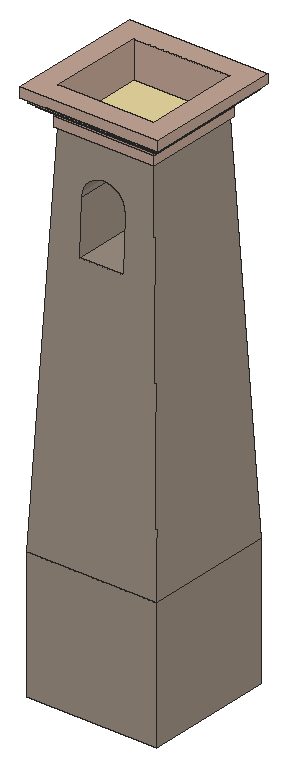
Revit family "GEN_A3-562-PIER2", category Site, Revit 2016
Family settings
  Part Type = Undefined
  Round Connector Dimension = Use Diameter
  Work Plane-Based = No
  Always vertical = Yes
  Cut with Voids When Loaded = No
  Shared = No
Parameters (values of type "roberts-pier 345")
  width = 1200 mm
  stone = 1020 mm
  length = 1200 mm
  height = 3500 mm
  depth = 1200 mm
  Assembly Code = ""
Reference planes
  plane 1 "Center (Front/Back)": y = 0
  plane 2: z = 0
  plane 3 "Center (Left/Right)": x = -255
  plane 4: x = -855
  plane 5: x = 345
  plane 6: y = 600
  plane 7: y = -600
  plane 8: z = 3500
  plane 9: z = -1200
  plane 10: z = 1020
Forms (mm)
  Blend 1, solid, material "1-BRICK WALL P&P"
    base sketch origin (0, 0, 0) x (1, 0, 0) y (0, 1, 0)
      loop
        line (-855, 600) -> (-855, -600) -> (345, -600) -> (345, 600) -> (-855, 600)
    top sketch origin (0, 0, 0) x (1, 0, 0) y (0, 1, 0)
      loop
        line (-695, 440) -> (-695, -440) -> (185, -440) -> (185, 440) -> (-695, 440)
    from 0 to 3500
  Extrusion 2, void
    sketch origin (-1403.671, -600, 4000) x (1, 0, 0) y (0, 0, 1)
      loop
        arc (1348.671, -990) -> (1148.671, -790) -> (948.671, -990) r 200
        line (948.671, -990) -> (948.671, -1480) -> (1348.671, -1480) -> (1348.671, -990)
    from 0 to -1667.463
  Sweep 3, solid, material "1-CORBEL"
    path origin (0, 0, 3500) x (1, 0, 0) y (0, 1, 0)
      loop
        line (185, 440) -> (-695, 440) -> (-695, -440) -> (185, -440) -> (185, 440)
    profile "562-C1 : 562-C1" origin (-255, 440, 3500) x (0, -1, 0) y (0, 0, 1)
      loop
        line (-20, 85.435) -> (-20, 0) -> (0, 0) -> (0, 340) -> (-195, 340) -> (-195, 255) -> (-155, 255) -> (-155, 212) -> (-115, 212) -> (-115, 170)
        arc (-115, 170) -> (-49.986, 147.393) -> (-20, 85.435) r 89.934
  Extrusion 4, solid, material "1-BRICK WALL P&P"
    sketch origin (0, 0, 0) x (1, 0, 0) y (0, 1, 0)
      loop
        line (-855, 600) -> (-855, -600) -> (345, -600) -> (345, 600) -> (-855, 600)
    from 0 to -1200
Cuts and joins
  Extrusion 2 cuts Blend 1
Dimensions and locks
  "height": level to plane 8
  "depth": plane 9 to level
  "length": plane 7 to plane 6
  equal spacing: plane 7, plane 1 "Center (Front/Back)", plane 6
  "stone": level to plane 10
  "width": plane 4 to plane 5
  equal spacing: plane 4, plane 3 "Center (Left/Right)", plane 5
  aligned and locked: plane 8 to Blend 1
  aligned and locked: cut or joined group of Blend 1, Extrusion 2 to Extrusion 4 sketch curve
  aligned and locked: Extrusion 4 sketch curve to cut or joined group of Blend 1, Extrusion 2  (x3)
  aligned and locked: Extrusion 4 to plane 9
Automatic sketch dimensions
  Blend 1 sketch curve to plane 4 = 0 mm
  Blend 1 sketch curve to plane 5 = 0 mm
  Blend 1 sketch curve to plane 7 = 0 mm
  Blend 1 sketch curve to plane 6 = 0 mm
  plane 4 to Blend 1 sketch curve = 160 mm
  Blend 1 sketch curve to plane 5 = 160 mm
  Blend 1 sketch curve to plane 7 = 160 mm
  plane 6 to Blend 1 sketch curve = 160 mm
  Extrusion 2 sketch curve to plane 8 = 490 mm
  Extrusion 2 sketch curve to plane 3 "Center (Left/Right)" = 0 mm
  Extrusion 2 sketch curve to plane 3 "Center (Left/Right)" = 200 mm
  Extrusion 2 sketch curve to Extrusion 2 sketch curve = 490 mm
  Sweep 3 sketch curve to Blend 1 = 0 mm  (x4)
